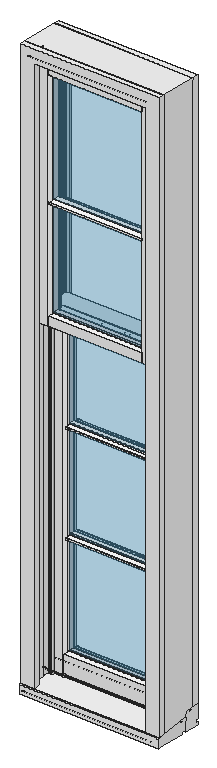
Revit family "S1-23H", category Generic Models, Revit 2012
Parameters (values of type "Window Sill drawing")
  Width = 511 mm
  Height = 2144 mm
  GlazingPanelMaterial = Glass
  Floor Material = White
Reference planes
  plane 1 "Center (Front/Back)": y = 0
  plane 2: z = 0
  plane 3 "Center (Left/Right)": x = 0
  plane 4: z = 33
  plane 5: x = -714
  plane 6: x = -750
  plane 7: x = -718
  plane 8: x = -239
  plane 9: y = 67
  plane 10: y = -67
  plane 11: x = -271
  plane 12: z = 2144
  plane 13: z = 2112
  plane 14: z = 578
  plane 15: y = -35.88
  plane 16: x = -705.5
  plane 17: x = -275
  plane 18: y = 35.12
  plane 19: x = -705.5
  plane 20: z = 622
  plane 21: z = 117
  plane 22: y = 72.25
  plane 23: x = -494.5
  plane 24: y = -35.88
  plane 25: x = -283.5
  plane 26: y = 35.12
  plane 27: x = -283.5
  plane 28: z = 1257.52
  plane 29: y = 46.992
  plane 30: y = 46.992
  plane 31: y = 46.992
  plane 32: z = 501.251
  plane 33: z = 2108
  plane 34: z = 1628
  plane 35: z = 1230.52
  plane 36: y = 46.992
  plane 37: y = 46.992
  plane 38: y = 46.992
  plane 39: z = 867
Forms (mm)
  Extrusion 1, solid, not visible
    sketch origin (0, 0, 9.375) x (0, 1, 0) y (0, 0, 1)
      loop
        line (94.662, 311.911) -> (94.314, 312.868) -> (95.314, 312.868) -> (93.454, 317.977) -> (86.115, 317.977) -> (85.011, 317.575) -> (64.143, 317.575) -> (64.143, 311.911) -> (94.662, 311.911)
    from 0 to 250
  Extrusion 2, solid, not visible
    sketch origin (0, 0, 9.375) x (0, 1, 0) y (0, 0, 1)
      loop
        line (93.688, 317.334) -> (85.92, 317.334) -> (87.101, 312.926) -> (95.293, 312.926) -> (93.688, 317.334)
      loop
        line (91.853, 322.376) -> (91.853, 328.194)
        arc (91.853, 328.194) -> (91.424, 329.231) -> (90.388, 329.66) r 1.465
        line (90.388, 329.66) -> (71.853, 329.66) -> (71.853, 322.376) -> (91.853, 322.376)
      loop
        line (73.373, 320.598) -> (64.143, 320.598) -> (64.143, 317.575) -> (73.373, 317.575) -> (73.373, 320.598)
      loop
        line (61.169, 311.884) -> (61.169, 316.884) -> (56.169, 316.884)
        arc (56.169, 316.884) -> (53.926, 317.813) -> (52.996, 320.057) r 3.173
        line (52.996, 320.057) -> (52.996, 327.594)
        arc (52.996, 327.594) -> (53.247, 329.284) -> (54.656, 330.25) r 2.138
        line (54.656, 330.25) -> (56.493, 330.25)
        arc (56.493, 330.25) -> (57.939, 329.727) -> (58.925, 328.548) r 2.95
        line (58.925, 328.548) -> (59.306, 324.922) -> (61.24, 324.922) -> (60.612, 330.901)
        arc (60.612, 330.901) -> (59.723, 332.646) -> (57.894, 333.348) r 2.733
        line (57.894, 333.348) -> (52.423, 333.348)
        arc (52.423, 333.348) -> (50.164, 330.795) -> (49.999, 327.391) r 5.139
        line (49.999, 327.391) -> (47.957, 316.884)
        arc (47.957, 316.884) -> (49.179, 314.507) -> (49.698, 311.884) r 9.583
        line (49.698, 311.884) -> (61.169, 311.884)
    from 0 to 250
  Extrusion 3, solid, not visible
    sketch origin (-848.022, -244.537, 0) x (1, 0, 0) y (0, 1, 0)
      loop
        line (-156.504, 643.402) -> (-146.504, 653.402) -> (-146.504, 655.402) -> (-162.504, 655.402) -> (-162.504, 703.402) -> (-199.504, 703.402)
        arc (-199.504, 703.402) -> (-201.625, 702.524) -> (-202.504, 700.402) r 3
        line (-202.504, 700.402) -> (-202.504, 695.402) -> (-196.504, 695.402) -> (-196.504, 692.402) -> (-202.504, 692.402) -> (-202.504, 679.402) -> (-196.504, 679.402) -> (-196.504, 667.402) -> (-202.504, 667.402) -> (-202.504, 646.402)
        arc (-202.504, 646.402) -> (-201.625, 644.281) -> (-199.504, 643.402) r 3
        line (-199.504, 643.402) -> (-156.504, 643.402)
    from 672 to 1294
  Extrusion 4, solid, not visible
    sketch origin (-848.022, -244.537, 0) x (1, 0, 0) y (0, 1, 0)
      loop
        line (-162.504, 700.402) -> (-162.504, 681.402) -> (-150.504, 681.402) -> (-150.504, 684.402) -> (-146.504, 685.402) -> (-146.504, 689.402) -> (-149.504, 689.402)
        arc (-149.504, 689.402) -> (-151.847, 695.059) -> (-157.504, 697.402) r 8
        line (-157.504, 697.402) -> (-157.504, 700.402) -> (-162.504, 700.402)
    from 672 to 1294
  Extrusion 5, solid, not visible
    sketch origin (-511.418, -643.152, -230) x (1, 0, 0) y (0, 1, 0)
      loop
        line (-200.504, 641.902) -> (-200.504, 638.902) -> (-198.254, 638.902) -> (-198.254, 634.902) -> (-195.818, 634.902) -> (-195.818, 638.902) -> (-193.504, 638.902) -> (-193.504, 641.902) -> (-195.282, 641.902) -> (-195.282, 641.116) -> (-194.482, 641.116) -> (-194.482, 639.814) -> (-199.81, 639.814) -> (-199.81, 641.116) -> (-199.01, 641.116) -> (-199.01, 641.902) -> (-200.504, 641.902)
    from 230 to 852
  Extrusion 6, solid, not visible
    sketch origin (-511.418, -643.152, -140) x (1, 0, 0) y (0, 1, 0)
      loop
        line (-194.482, 639.814) -> (-194.482, 641.116) -> (-199.81, 641.116) -> (-199.81, 639.814) -> (-194.482, 639.814)
    from 140 to 762
  Extrusion 7, solid, not visible
    sketch origin (-511.418, -643.152, 0) x (1, 0, 0) y (0, 1, 0)
      loop
        spline (-199.847, 645.779) -> (-199.478, 645.505) -> (-199.241, 645.183) -> (-199.108, 644.823) -> (-199.048, 644.431) -> (-199.033, 644.016) -> (-199.035, 643.585) -> (-199.023, 643.147) -> (-198.97, 642.709) -> (-198.847, 642.279) -> (-198.624, 641.865) -> (-198.272, 641.475) -> (-197.764, 641.116)
        line (-197.764, 641.116) -> (-196.529, 641.116)
        spline (-196.529, 641.116) -> (-195.991, 641.457) -> (-195.612, 641.839) -> (-195.363, 642.251) -> (-195.215, 642.684) -> (-195.139, 643.129) -> (-195.106, 643.577) -> (-195.086, 644.017) -> (-195.05, 644.441) -> (-194.969, 644.838) -> (-194.814, 645.2) -> (-194.556, 645.517) -> (-194.166, 645.779)
        line (-194.166, 645.779) -> (-199.847, 645.779)
    from 0 to 622
  Sweep 8, solid, material "White" <- "Floor Material"
    path origin (0, 0, 0) x (1, 0, 0) y (0, 0, 1)
      loop
        line (-725, 33) -> (-725, 2119) -> (-264, 2119) -> (-264, 33)
    profile origin (-494.5, 0, 2119) x (0, 0, 1) y (0, -1, 0)
      loop
        line (0, -4) -> (0, 4) -> (-17.634, 4) -> (-17.634, 2.635) -> (-15.193, 2.635) -> (-15.193, 1.135) -> (-22.193, 1.135) -> (-22.193, 2.635) -> (-19.789, 2.635) -> (-19.789, 4) -> (-21, 4)
        arc (-21, 4) -> (-25, 0) -> (-21, -4) r 4
        line (-21, -4) -> (0, -4)
  Sweep 9, solid, material "White" <- "Floor Material"
    path origin (0, 87, 0) x (1, 0, 0) y (0, 0, 1)
      loop
        line (-239, 68.003) -> (-239, 2144) -> (-750, 2144) -> (-750, 68.003)
    profile origin (-494.5, 87, 2144) x (0, 0, -1) y (0, -1, 0)
      loop
        line (0, 20) -> (0, 0) -> (32, 0) -> (32, 20) -> (23, 20) -> (23, 15) -> (15, 15) -> (15, 20) -> (0, 20)
  Sweep 10, solid, material "White" <- "Floor Material"
    path origin (0, -87, 0) x (1, 0, 0) y (0, 0, -1)
      loop
        line (-239, -33) -> (-239, -2144) -> (-750, -2144) -> (-750, -33)
    profile origin (-494.5, -87, 2144) x (0, 0, 1) y (0, 1, 0)
      loop
        line (0, 0) -> (0, 20) -> (-15, 20) -> (-15, 15) -> (-23, 15) -> (-23, 20) -> (-38, 20) -> (-38, 17) -> (-40.25, 17) -> (-40.25, 13) -> (-42.75, 13) -> (-42.75, 17) -> (-45, 17) -> (-45, 20) -> (-50, 20) -> (-50, 0) -> (0, 0)
  Sweep 11, solid, material "White" <- "Floor Material"
    path origin (0, 67, 0) x (-1, 0, 0) y (0, 0, -1)
      loop
        line (718, -2112) -> (718, -68) -> (271, -68) -> (271, -2112) -> (718, -2112)
    profile origin (-494.5, 67, 2112) x (0, 0, 1) y (0, -1, 0)
      loop
        line (0, -14) -> (0, 0) -> (-6.422, 0) -> (-6.422, -1.526) -> (-4.982, -1.526) -> (-4.982, -3.026) -> (-9.982, -3.026) -> (-9.982, -1.526) -> (-8.578, -1.526) -> (-8.578, 0) -> (-15, 0) -> (-15, -14)
        arc (-15, -14) -> (-9, -20) -> (-3, -14) r 6
        line (-3, -14) -> (0, -14)
  Extrusion 12, solid, material "White" <- "Floor Material"
    sketch origin (2366.619, -1603.085, 0) x (1, 0, 0) y (0, 1, 0)
      loop
        arc (-3077.619, 1597.085) -> (-3079.741, 1596.207) -> (-3080.619, 1594.085) r 3
        line (-3080.619, 1594.085) -> (-3080.619, 1589.085) -> (-3074.619, 1589.085) -> (-3074.619, 1586.085) -> (-3080.619, 1586.085) -> (-3080.619, 1577.085) -> (-3071.619, 1577.085)
        arc (-3071.619, 1577.085) -> (-3061.619, 1567.085) -> (-3071.619, 1557.085) r 10
        line (-3071.619, 1557.085) -> (-3080.619, 1557.085) -> (-3080.619, 1540.085)
        arc (-3080.619, 1540.085) -> (-3079.741, 1537.964) -> (-3077.619, 1537.085) r 3
        line (-3077.619, 1537.085) -> (-3034.619, 1537.085) -> (-3024.619, 1547.085) -> (-3024.619, 1549.085) -> (-3040.619, 1549.085) -> (-3040.619, 1597.085) -> (-3077.619, 1597.085)
    from 1230.52 to 2105.578
  Extrusion 13, solid
    sketch origin (2366.119, -1602.966, 347.02) x (1, 0, 0) y (0, 1, 0)
      loop
        circle (-3071.619, 1567.085) r 5
      loop
        circle (-3071.619, 1567.085) r 8.5
    from 932.713 to 1224
  Extrusion 14, solid, material "White" <- "Floor Material"
    sketch origin (0, -3460.083, 649.392) x (0, 1, 0) y (0, 0, 1)
      loop
        line (3432.083, 609.128) -> (3406.083, 609.128) -> (3406.083, 625.128) -> (3404.083, 625.128) -> (3394.083, 615.128) -> (3394.083, 581.128) -> (3418.083, 581.128) -> (3418.083, 586.128) -> (3430.083, 586.128) -> (3430.083, 581.128) -> (3461.083, 581.128) -> (3461.083, 586.128) -> (3459.083, 596.128) -> (3454.083, 596.128) -> (3454.083, 606.128) -> (3448.083, 606.128) -> (3448.083, 609.128) -> (3454.083, 609.128) -> (3454.083, 625.128) -> (3436.083, 625.128) -> (3435.083, 621.128) -> (3432.083, 621.128) -> (3432.083, 609.128)
    from -668 to -321
  Sweep 15, solid, material "White" <- "Floor Material"
    path origin (0.117, -27.5, -0.107) x (1, 0, 0) y (0, 0, 1)
      loop
        line (-674, 1257.627) -> (-674, 2094.107) -> (-315.217, 2094.107) -> (-315.217, 1257.627)
    profile origin (-494.491, -27.5, 2094) x (0, 0, 1) y (0, -1, 0)
      loop
        line (-4.893, -19) -> (0.107, -19) -> (0.107, 0) -> (-11.893, 0) -> (-11.893, -3) -> (-15.893, -4) -> (-15.893, -8) -> (-12.893, -8)
        arc (-12.893, -8) -> (-10.55, -13.657) -> (-4.893, -16) r 8
        line (-4.893, -16) -> (-4.893, -19)
  Extrusion 16, solid, material "White" <- "Floor Material"
    sketch origin (0, -3459.584, -3.128) x (0, 1, 0) y (0, 0, 1)
      loop
        line (3466.249, 47.894) -> (3371.218, 36.226)
        arc (3371.218, 36.226) -> (3369.337, 35.236) -> (3368.583, 33.248) r 3
        line (3368.583, 33.248) -> (3368.583, 3.128) -> (3373.583, 3.128) -> (3373.583, 5.128)
        arc (3373.583, 5.128) -> (3376.583, 8.128) -> (3379.583, 5.128) r 3
        line (3379.583, 5.128) -> (3379.583, 3.128) -> (3472.583, 3.128) -> (3472.583, 8.128) -> (3492.583, 8.128) -> (3492.583, 36.128) -> (3497.583, 36.128) -> (3497.583, 51.128) -> (3492.583, 51.128) -> (3469.505, 48.362) -> (3472.546, 46.028)
        arc (3472.546, 46.028) -> (3472.919, 44.415) -> (3471.294, 44.101) r 1.15
        line (3471.294, 44.101) -> (3466.249, 47.894)
    from -750 to -239
  Extrusion 17, solid, material "White" <- "Floor Material"
    sketch origin (0, -3459.584, -3.128) x (0, 1, 0) y (0, 0, 1)
      loop
        line (3526.583, 71.128) -> (3509.696, 69.054)
        arc (3509.696, 69.054) -> (3509.999, 68.671) -> (3510.398, 68.387) r 1.737
        line (3510.398, 68.387) -> (3513.646, 65.849)
        arc (3513.646, 65.849) -> (3513.653, 64.316) -> (3512.131, 64.138) r 1.15
        line (3512.131, 64.138) -> (3506.202, 68.606) -> (3492.583, 66.933) -> (3492.583, 62.041)
        arc (3492.583, 62.041) -> (3495.583, 59.041) -> (3492.583, 56.041) r 3
        line (3492.583, 56.041) -> (3492.583, 51.128) -> (3497.583, 51.128) -> (3497.583, 36.128) -> (3492.583, 36.128) -> (3492.583, 3.128) -> (3546.583, 3.128) -> (3546.583, 13.128) -> (3536.583, 13.128) -> (3536.583, 23.128) -> (3546.583, 23.128) -> (3546.583, 71.128) -> (3526.583, 71.128)
    from -750 to -239
  Extrusion 18, solid, material "White" <- "Floor Material"
    sketch origin (0, -3460.084, -3.125) x (0, 1, 0) y (0, 0, 1)
      loop
        line (3525.083, 116.128) -> (3477.083, 116.128) -> (3477.083, 132.128) -> (3475.083, 132.128) -> (3465.083, 122.128) -> (3465.083, 55.519)
        arc (3465.083, 55.519) -> (3466.096, 53.272) -> (3468.449, 52.541) r 3
        line (3468.449, 52.541) -> (3473.083, 53.11) -> (3473.083, 59.11) -> (3476.083, 59.11) -> (3476.083, 53.478) -> (3487.083, 54.829) -> (3487.083, 76.794) -> (3503.083, 76.794) -> (3503.083, 71.794) -> (3514.083, 73.144) -> (3514.083, 79.144) -> (3517.083, 79.144) -> (3517.083, 73.513) -> (3522.449, 74.171)
        arc (3522.449, 74.171) -> (3524.33, 75.161) -> (3525.083, 77.149) r 3
        line (3525.083, 77.149) -> (3525.083, 116.128)
    from -668 to -321
  Extrusion 19, solid, material "Glass"
    sketch origin (2366.619, -1602.584, 0) x (1, 0, 0) y (0, 1, 0)
      loop
        line (-3036.619, 1575.085) -> (-3036.619, 1571.085) -> (-2685.619, 1571.085) -> (-2685.619, 1575.085) -> (-3036.619, 1575.085)
      loop
        line (-3036.619, 1555.085) -> (-3036.619, 1551.085) -> (-2685.619, 1551.085) -> (-2685.619, 1555.085) -> (-3036.619, 1555.085)
    from 1255.52 to 2097
  Sweep 20, solid
    path origin (0, -39.498, 0) x (1, 0, 0) y (0, 0, 1)
      loop
        line (-670, 2098.433) -> (-670, 1264.52) -> (-319, 1264.52) -> (-319, 2098.433) -> (-670, 2098.433)
    profile origin (-494.5, -39.498, 2098.433) x (0, 0, 1) y (0, -1, 0)
      loop
        line (0, -8) -> (0, 8) -> (-10, 8) -> (-10, -8) -> (0, -8)
  Extrusion 21, solid, material "White" <- "Floor Material"
    sketch origin (2366.619, -1532.085, -542) x (1, 0, 0) y (0, 1, 0)
      loop
        arc (-3077.619, 1597.085) -> (-3079.741, 1596.207) -> (-3080.619, 1594.085) r 3
        line (-3080.619, 1594.085) -> (-3080.619, 1577.085) -> (-3071.619, 1577.085)
        arc (-3071.619, 1577.085) -> (-3061.619, 1567.085) -> (-3071.619, 1557.085) r 10
        line (-3071.619, 1557.085) -> (-3080.619, 1557.085) -> (-3080.619, 1548.085) -> (-3074.619, 1548.085) -> (-3074.619, 1545.085) -> (-3080.619, 1545.085) -> (-3080.619, 1540.085)
        arc (-3080.619, 1540.085) -> (-3079.741, 1537.964) -> (-3077.619, 1537.085) r 3
        line (-3077.619, 1537.085) -> (-3034.619, 1537.085) -> (-3024.619, 1547.085) -> (-3024.619, 1549.085) -> (-3040.619, 1549.085) -> (-3040.619, 1597.085) -> (-3077.619, 1597.085)
    from 585.128 to 1787.52
  Extrusion 22, solid
    sketch origin (2366.119, -1531.966, -542) x (1, 0, 0) y (0, 1, 0)
      loop
        circle (-3071.619, 1567.085) r 5
      loop
        circle (-3071.619, 1567.085) r 8.5
    from 655 to 1787.52
  Extrusion 23, solid, material "White" <- "Floor Material"
    sketch origin (0, -3389.081, 107.392) x (0, 1, 0) y (0, 0, 1)
      loop
        line (3454.081, 1139.128) -> (3454.081, 1167.128) -> (3387.081, 1167.128) -> (3387.081, 1162.128) -> (3389.081, 1152.128) -> (3394.081, 1152.128) -> (3394.081, 1142.585) -> (3400.302, 1142.585) -> (3400.302, 1139.128) -> (3394.081, 1139.128) -> (3394.081, 1123.128) -> (3406.081, 1123.128) -> (3406.081, 1139.128) -> (3454.081, 1139.128)
    from -703 to -286.193
  Sweep 24, solid, material "White" <- "Floor Material"
    path origin (0.117, 43.5, -542.107) x (1, 0, 0) y (0, 0, 1)
      loop
        line (-674, 1789.627) -> (-674, 655.107) -> (-315.217, 655.107) -> (-315.217, 1789.627) -> (-674, 1789.627)
    profile origin (-494.491, 43.5, 1247.52) x (0, 0, 1) y (0, -1, 0)
      loop
        line (-4.893, -19) -> (0.107, -19) -> (0.107, 0) -> (-11.893, 0) -> (-11.893, -3) -> (-15.893, -4) -> (-15.893, -8) -> (-12.893, -8)
        arc (-12.893, -8) -> (-10.55, -13.657) -> (-4.893, -16) r 8
        line (-4.893, -16) -> (-4.893, -19)
  Extrusion 25, solid, material "Glass"
    sketch origin (2366.619, -1531.584, -541.101) x (1, 0, 0) y (0, 1, 0)
      loop
        line (-3036.619, 1575.085) -> (-3036.619, 1571.085) -> (-2685.619, 1571.085) -> (-2685.619, 1575.085) -> (-3036.619, 1575.085)
      loop
        line (-3036.619, 1555.085) -> (-3036.619, 1551.085) -> (-2685.619, 1551.085) -> (-2685.619, 1555.085) -> (-3036.619, 1555.085)
    from 658.101 to 1771.621
  Sweep 26, solid
    path origin (0, 31.502, -542) x (1, 0, 0) y (0, 0, 1)
      loop
        line (-670, 1785.558) -> (-670, 659.003) -> (-319, 659.003) -> (-319, 1785.558) -> (-670, 1785.558)
    profile origin (-494.5, 31.502, 1243.558) x (0, 0, 1) y (0, -1, 0)
      loop
        line (0, -8) -> (0, 8) -> (-10, 8) -> (-10, -8) -> (0, -8)
  Extrusion 27, solid, material "White" <- "Floor Material"
    sketch origin (0, -3459.584, -3.128) x (0, 1, 0) y (0, 0, 1)
      loop
        line (3466.249, 47.894) -> (3371.218, 36.226)
        arc (3371.218, 36.226) -> (3369.337, 35.236) -> (3368.583, 33.248) r 3
        line (3368.583, 33.248) -> (3368.583, 3.128) -> (3373.583, 3.128) -> (3373.583, 5.128)
        arc (3373.583, 5.128) -> (3376.583, 8.128) -> (3379.583, 5.128) r 3
        line (3379.583, 5.128) -> (3379.583, 3.128) -> (3472.583, 3.128) -> (3472.583, 8.128) -> (3492.583, 8.128) -> (3492.583, 36.128) -> (3497.583, 36.128) -> (3497.583, 51.128) -> (3492.583, 51.128) -> (3469.505, 48.362) -> (3472.546, 46.028)
        arc (3472.546, 46.028) -> (3472.919, 44.415) -> (3471.294, 44.101) r 1.15
        line (3471.294, 44.101) -> (3466.249, 47.894)
    from -750 to -239
  Extrusion 28, solid, material "White" <- "Floor Material"
    sketch origin (0, -3459.584, -3.128) x (0, 1, 0) y (0, 0, 1)
      loop
        line (3526.583, 71.128) -> (3509.696, 69.054)
        arc (3509.696, 69.054) -> (3509.999, 68.671) -> (3510.398, 68.387) r 1.737
        line (3510.398, 68.387) -> (3513.646, 65.849)
        arc (3513.646, 65.849) -> (3513.653, 64.316) -> (3512.131, 64.138) r 1.15
        line (3512.131, 64.138) -> (3506.202, 68.606) -> (3492.583, 66.933) -> (3492.583, 62.041)
        arc (3492.583, 62.041) -> (3495.583, 59.041) -> (3492.583, 56.041) r 3
        line (3492.583, 56.041) -> (3492.583, 51.128) -> (3497.583, 51.128) -> (3497.583, 36.128) -> (3492.583, 36.128) -> (3492.583, 3.128) -> (3546.583, 3.128) -> (3546.583, 13.128) -> (3536.583, 13.128) -> (3536.583, 23.128) -> (3546.583, 23.128) -> (3546.583, 71.128) -> (3526.583, 71.128)
    from -750 to -239
  Extrusion 29, solid, material "White" <- "Floor Material"
    sketch origin (-3355.619, -1603.085, 0) x (-1, 0, 0) y (0, -1, 0)
      loop
        line (-3077.619, -1597.085) -> (-3040.619, -1597.085) -> (-3040.619, -1549.085) -> (-3024.619, -1549.085) -> (-3024.619, -1547.085) -> (-3034.619, -1537.085) -> (-3077.619, -1537.085)
        arc (-3077.619, -1537.085) -> (-3079.741, -1537.964) -> (-3080.619, -1540.085) r 3
        line (-3080.619, -1540.085) -> (-3080.619, -1557.085) -> (-3071.619, -1557.085)
        arc (-3071.619, -1557.085) -> (-3061.619, -1567.085) -> (-3071.619, -1577.085) r 10
        line (-3071.619, -1577.085) -> (-3080.619, -1577.085) -> (-3080.619, -1586.085) -> (-3074.619, -1586.085) -> (-3074.619, -1589.085) -> (-3080.619, -1589.085) -> (-3080.619, -1594.085)
        arc (-3080.619, -1594.085) -> (-3079.741, -1596.207) -> (-3077.619, -1597.085) r 3
    from 1230.52 to 2105.578
  Extrusion 30, solid
    sketch origin (-3355.119, -1602.966, 347.02) x (-1, 0, 0) y (0, -1, 0)
      loop
        circle (-3071.619, -1567.085) r 5
      loop
        circle (-3071.619, -1567.085) r 8.5
    from 932.713 to 898.5
  Extrusion 31, solid, material "White" <- "Floor Material"
    sketch origin (-3355.619, -1532.085, -542) x (-1, 0, 0) y (0, -1, 0)
      loop
        line (-3077.619, -1597.085) -> (-3040.619, -1597.085) -> (-3040.619, -1549.085) -> (-3024.619, -1549.085) -> (-3024.619, -1547.085) -> (-3034.619, -1537.085) -> (-3077.619, -1537.085)
        arc (-3077.619, -1537.085) -> (-3079.741, -1537.964) -> (-3080.619, -1540.085) r 3
        line (-3080.619, -1540.085) -> (-3080.619, -1545.085) -> (-3074.619, -1545.085) -> (-3074.619, -1548.085) -> (-3080.619, -1548.085) -> (-3080.619, -1557.085) -> (-3071.619, -1557.085)
        arc (-3071.619, -1557.085) -> (-3061.619, -1567.085) -> (-3071.619, -1577.085) r 10
        line (-3071.619, -1577.085) -> (-3080.619, -1577.085) -> (-3080.619, -1594.085)
        arc (-3080.619, -1594.085) -> (-3079.741, -1596.207) -> (-3077.619, -1597.085) r 3
    from 585.128 to 1787.52
  Extrusion 32, solid
    sketch origin (-3355.119, -1531.966, -542) x (-1, 0, 0) y (0, -1, 0)
      loop
        circle (-3071.619, -1567.085) r 5
      loop
        circle (-3071.619, -1567.085) r 8.5
    from 655 to 1442.607
  Sweep 33, solid, material "White" <- "Floor Material"
    path origin (0, 0, 0) x (1, 0, 0) y (0, 0, 1)
      loop
        line (-750, 33.101) -> (-750, 2144) -> (-239, 2144) -> (-239, 33.101)
    profile origin (-494.5, 0, 2144) x (0, 0, 1) y (0, -1, 0)
      loop
        line (0, -67) -> (0, 67) -> (-15, 67) -> (-15, 72) -> (-23, 72) -> (-23, 67) -> (-32, 67) -> (-32, 22.511) -> (-29.264, 19.775)
        arc (-29.264, 19.775) -> (-29.264, 18.438) -> (-30.601, 18.438) r 0.945
        line (-30.601, 18.438) -> (-32, 19.837) -> (-32, 4) -> (-25, 4) -> (-25, -4) -> (-32, -4) -> (-32, -67) -> (-23, -67) -> (-23, -72) -> (-15, -72) -> (-15, -67) -> (0, -67)
  Sweep 34, void
    path origin (0, 0, 0) x (1, 0, 0) y (0, 1, 0)
      loop
        line (-780, 0) -> (-150, 0)
    profile origin (-465, 0, 0) x (0, 1, 0) y (0, 0, 1)
      loop
        line (6.58, 44.859) -> (-88.453, 33.191)
        arc (-88.453, 33.191) -> (-90.334, 32.201) -> (-91.087, 30.213) r 3
        line (-91.087, 30.213) -> (-103.128, 30.213) -> (-103.128, -6.095) -> (101.872, -6.095) -> (101.872, 68.092) -> (66.913, 68.092) -> (50.026, 66.019)
        arc (50.026, 66.019) -> (50.329, 65.635) -> (50.727, 65.352) r 1.737
        line (50.727, 65.352) -> (54.063, 62.721)
        arc (54.063, 62.721) -> (54.129, 61.261) -> (52.709, 60.915) r 1.15
        line (52.709, 60.915) -> (46.532, 65.57) -> (32.913, 63.898) -> (32.913, 59.005)
        arc (32.913, 59.005) -> (35.913, 56.005) -> (32.913, 53.005) r 3
        line (32.913, 53.005) -> (32.913, 48.092) -> (9.835, 45.327) -> (13.032, 42.855)
        arc (13.032, 42.855) -> (13.356, 41.319) -> (11.846, 40.891) r 1.15
        line (11.846, 40.891) -> (6.58, 44.859)
  Extrusion 35, solid, material "White" <- "Floor Material"
    sketch origin (-152.084, -46.104, 500.077) x (0, 0, 1) y (0, 1, 0)
      loop
        line (-8.825, 91.096) -> (11.175, 91.096) -> (11.175, 99.096) -> (9.175, 99.096) -> (9.175, 101.596) -> (3.675, 109.096) -> (3.675, 111.096) -> (-1.325, 111.096) -> (-1.325, 109.096) -> (-6.825, 101.596) -> (-6.825, 99.096) -> (-8.825, 99.096) -> (-8.825, 91.096)
      loop
        line (11.175, 62.296) -> (11.175, 65.096) -> (-8.825, 65.096) -> (-8.825, 62.296) -> (-1.325, 54.142) -> (-1.325, 52.142) -> (3.675, 52.142) -> (3.675, 54.142) -> (11.175, 62.296)
    from 178.909 to 505.916
  Extrusion 36, solid, material "White" <- "Floor Material"
    sketch origin (-152.084, 7.992, 899.345) x (0, 0, 1) y (0, 1, 0)
      loop
        line (-408.094, 34) -> (-408.094, 18) -> (-388.094, 18) -> (-388.094, 34) -> (-408.094, 34)
    from 136.916 to 589.023
  Extrusion 37, solid, material "White" <- "Floor Material"
    sketch origin (-2614.526, -119.588, 1636.825) x (0, 0, 1) y (0, -1, 0)
      loop
        line (-8.825, -93.096) -> (-8.825, -99.096) -> (-6.825, -99.096) -> (-6.825, -101.596) -> (-1.325, -109.096) -> (-1.325, -111.096) -> (3.675, -111.096) -> (3.675, -109.096) -> (9.175, -101.596) -> (9.175, -99.096) -> (11.175, -99.096) -> (11.175, -93.096) -> (-8.825, -93.096)
      loop
        line (-8.825, -61.911) -> (-8.825, -64.711) -> (11.175, -64.711) -> (3.624, -53.757) -> (3.624, -51.757) -> (-1.376, -51.757) -> (-1.376, -53.757) -> (-8.825, -61.911)
    from 1946.526 to 2293.526
  Extrusion 38, solid, material "White" <- "Floor Material"
    sketch origin (-2614.526, -65.742, 2036.094) x (0, 0, 1) y (0, -1, 0)
      loop
        line (-408.094, -34) -> (-388.094, -34) -> (-388.094, -18) -> (-408.094, -18) -> (-408.094, -34)
    from 1946.526 to 2293.526
  Extrusion 39, solid, material "White" <- "Floor Material"
    sketch origin (-152.084, -46.104, 840.077) x (0, 0, 1) y (0, 1, 0)
      loop
        line (16.923, 91.096) -> (36.923, 91.096) -> (36.923, 99.096) -> (34.923, 99.096) -> (34.923, 101.596) -> (29.423, 109.096) -> (29.423, 111.096) -> (24.423, 111.096) -> (24.423, 109.096) -> (18.923, 101.596) -> (18.923, 99.096) -> (16.923, 99.096) -> (16.923, 91.096)
      loop
        line (36.923, 62.296) -> (36.923, 65.096) -> (16.923, 65.096) -> (16.923, 62.296) -> (24.423, 54.142) -> (24.423, 52.142) -> (29.423, 52.142) -> (29.423, 54.142) -> (36.923, 62.296)
    from 178.909 to 505.916
  Extrusion 40, solid, material "White" <- "Floor Material"
    sketch origin (-152.084, 7.992, 1239.345) x (0, 0, 1) y (0, 1, 0)
      loop
        line (-382.345, 34) -> (-382.345, 18) -> (-362.345, 18) -> (-362.345, 34) -> (-382.345, 34)
    from 136.916 to 589.023
  Extrusion 41, solid, material "White" <- "Floor Material"
    sketch origin (-1944.52, -1603.085, -973.119) x (0, 0, -1) y (0, 1, 0)
      loop
        arc (-3077.619, 1597.085) -> (-3079.741, 1596.207) -> (-3080.619, 1594.085) r 3
        line (-3080.619, 1594.085) -> (-3080.619, 1589.085) -> (-3074.619, 1589.085) -> (-3074.619, 1586.085) -> (-3080.619, 1586.085) -> (-3080.619, 1577.085) -> (-3071.619, 1577.085)
        arc (-3071.619, 1577.085) -> (-3061.619, 1567.085) -> (-3071.619, 1557.085) r 10
        line (-3071.619, 1557.085) -> (-3080.619, 1557.085) -> (-3080.619, 1540.085)
        arc (-3080.619, 1540.085) -> (-3079.741, 1537.964) -> (-3077.619, 1537.085) r 3
        line (-3077.619, 1537.085) -> (-3034.619, 1537.085) -> (-3024.619, 1547.085) -> (-3024.619, 1549.085) -> (-3040.619, 1549.085) -> (-3040.619, 1597.085) -> (-3077.619, 1597.085)
    from 1276.52 to 1623.52
  Extrusion 42, solid
    sketch origin (0, 0, 1120) x (0, 1, 0) y (0, 0, 1)
      loop
        line (-74, 982.5) -> (-72.319, 981.278) -> (-72.319, 982.145) -> (-71.424, 981.25) -> (-71.424, 982.145) -> (-70.574, 981.25) -> (-70.813, 982.145) -> (-70, 982.145) -> (-70, 979) -> (-67, 979) -> (-67, 981.25) -> (-67.972, 981.25) -> (-67.972, 980) -> (-69.5, 980) -> (-69.5, 985) -> (-67.972, 985) -> (-67.972, 983.75) -> (-67, 983.75) -> (-67, 986) -> (-70, 986) -> (-70, 982.855) -> (-70.813, 982.855) -> (-70.574, 983.75) -> (-71.424, 982.855) -> (-71.424, 983.75) -> (-72.319, 982.855) -> (-72.319, 983.722) -> (-74, 982.5)
    from -254 to -735
  Extrusion 43, solid
    sketch origin (0, 0, 1120) x (0, 1, 0) y (0, 0, 1)
      loop
        line (-67.972, 980) -> (-67.972, 981.974) -> (-66.727, 981.255) -> (-61.956, 980.921) -> (-61.034, 980) -> (-61.034, 985) -> (-61.956, 984.079) -> (-66.727, 983.745) -> (-67.972, 983.026) -> (-67.972, 985) -> (-69.5, 985) -> (-69.5, 980) -> (-67.972, 980)
    from -254 to -735
  Extrusion 44, solid
    sketch origin (0, 131.288, 1121.832) x (0, 1, 0) y (0, 0, 1)
      loop
        line (-62.762, 980.186) -> (-61.262, 980.186) -> (-61.262, 985.186) -> (-62.762, 985.186) -> (-62.762, 983.041) -> (-63.913, 983.706) -> (-68.685, 984.04) -> (-69.606, 984.961) -> (-69.606, 980.41) -> (-68.685, 981.332) -> (-63.913, 981.665) -> (-62.762, 982.33) -> (-62.762, 980.186)
    from -254 to -735
  Extrusion 45, solid
    sketch origin (0, 60.127, 1118.621) x (0, 1, 0) y (0, 0, 1)
      loop
        line (-62.762, 978.186) -> (-61.262, 978.186) -> (-61.262, 985.186) -> (-62.762, 985.186) -> (-62.762, 982.045) -> (-63.913, 982.71) -> (-68.685, 983.043) -> (-69.606, 983.965) -> (-69.606, 979.406) -> (-68.685, 980.328) -> (-63.913, 980.661) -> (-62.762, 981.326) -> (-62.762, 978.186)
    from -254 to -735
  Extrusion 46, solid
    sketch origin (0, 131.288, -907.581) x (0, 1, 0) y (0, 0, 1)
      loop
        line (-62.762, 980.563) -> (-61.262, 980.563) -> (-61.262, 985.563) -> (-62.762, 985.563) -> (-62.762, 983.419) -> (-63.913, 984.083) -> (-68.685, 984.417) -> (-69.606, 985.338) -> (-69.606, 980.788) -> (-68.685, 981.709) -> (-63.913, 982.043) -> (-62.762, 982.707) -> (-62.762, 980.563)
    from -254 to -735
  Extrusion 47, solid, material "Sill"
    sketch origin (0, -414.386, -130.202) x (0, 1, 0) y (0, 0, 1)
      loop
        line (399.221, 2233.777) -> (400.073, 2233.777) -> (401.113, 2234.377) -> (401.113, 2235.331) -> (400.073, 2234.731) -> (400.073, 2238.748) -> (394.12, 2238.748) -> (393.337, 2238.494) -> (394.134, 2238.204) -> (399.221, 2238.204) -> (399.221, 2233.777)
    from -735 to -254
  Extrusion 48, solid
    sketch origin (0, -4.951, 1121.52) x (0, 1, 0) y (0, 0, 1)
      loop
        arc (-19.175, 986.98) -> (-18.882, 986.273) -> (-18.175, 985.98) r 1
        line (-18.175, 985.98) -> (-11.098, 985.98)
        arc (-11.098, 985.98) -> (-10.406, 985.393) -> (-9.92, 984.627) r 3.012
        line (-9.92, 984.627) -> (-9.92, 983.485) -> (-12.998, 983.485) -> (-12.998, 982.53) -> (-9.42, 982.28) -> (-9.42, 984.649) -> (-9.063, 985.499) -> (-9.063, 986.715)
        arc (-9.063, 986.715) -> (-9.356, 987.422) -> (-10.063, 987.715) r 1
        line (-10.063, 987.715) -> (-15.237, 987.715)
        arc (-15.237, 987.715) -> (-16.161, 988.332) -> (-15.944, 989.422) r 1
        line (-15.944, 989.422) -> (-13.487, 991.879)
        arc (-13.487, 991.879) -> (-13.487, 993.216) -> (-14.824, 993.216) r 0.945
        line (-14.824, 993.216) -> (-19.175, 988.865) -> (-19.175, 986.98)
      loop
        arc (-13.841, 992.232) -> (-13.841, 992.862) -> (-14.471, 992.862) r 0.445
        line (-14.471, 992.862) -> (-18.675, 988.658) -> (-18.675, 986.98)
        arc (-18.675, 986.98) -> (-18.529, 986.627) -> (-18.175, 986.48) r 0.5
        line (-18.175, 986.48) -> (-10.962, 986.48)
        arc (-10.962, 986.48) -> (-10.157, 985.861) -> (-9.563, 985.037) r 3.512
        line (-9.563, 985.037) -> (-9.563, 986.715)
        arc (-9.563, 986.715) -> (-9.709, 987.068) -> (-10.063, 987.215) r 0.5
        line (-10.063, 987.215) -> (-15.237, 987.215)
        arc (-15.237, 987.215) -> (-16.623, 988.141) -> (-16.298, 989.775) r 1.5
        line (-16.298, 989.775) -> (-13.841, 992.232)
    from -735 to -254
  Extrusion 49, solid, material "Sill"
    sketch origin (0, -343.744, 2308.742) x (0, 1, 0) y (0, 0, 1)
      loop
        line (398.83, -2233.777) -> (398.83, -2239.91) -> (394.818, -2240.411) -> (393.98, -2241.004) -> (394.938, -2241.371) -> (399.682, -2240.778) -> (399.682, -2234.506) -> (401.113, -2235.331) -> (401.113, -2234.377) -> (400.073, -2233.777) -> (398.83, -2233.777)
    from -735 to -254
  Extrusion 50, solid
    sketch origin (0, -0.006, 3.144) x (0, 1, 0) y (0, 0, 1)
      loop
        line (46.879, 64.971) -> (46.879, 62.157) -> (52.486, 57.931)
        arc (52.486, 57.931) -> (54.044, 58.035) -> (54.063, 59.596) r 1.15
        line (54.063, 59.596) -> (50.406, 62.453)
        arc (50.406, 62.453) -> (50.168, 63.172) -> (50.741, 63.666) r 0.681
        line (50.741, 63.666) -> (54.979, 64.196)
        arc (54.979, 64.196) -> (55.906, 64.686) -> (56.276, 65.666) r 1.481
        line (56.276, 65.666) -> (56.276, 71.596) -> (52.699, 71.346) -> (52.699, 70.391) -> (55.776, 70.391) -> (55.776, 67.112) -> (48.075, 66.167)
        arc (48.075, 66.167) -> (47.229, 65.817) -> (46.879, 64.971) r 1.196
      loop
        arc (48.084, 65.67) -> (47.588, 65.465) -> (47.383, 64.969) r 0.701
        line (47.383, 64.969) -> (47.383, 62.403) -> (52.795, 58.325)
        arc (52.795, 58.325) -> (53.665, 58.363) -> (53.716, 59.233) r 0.65
        line (53.716, 59.233) -> (50.098, 62.059)
        arc (50.098, 62.059) -> (49.686, 63.305) -> (50.679, 64.162) r 1.181
        line (50.679, 64.162) -> (54.917, 64.692)
        arc (54.917, 64.692) -> (55.531, 65.017) -> (55.776, 65.666) r 0.981
        line (55.776, 65.666) -> (55.776, 66.682) -> (48.084, 65.67)
    from -735 to -254
  Extrusion 51, solid, material "Sill"
    sketch origin (0, -384.576, 2288.687) x (0, 1, 0) y (0, 0, 1)
      loop
        line (398.83, -2233.777) -> (398.83, -2239.91) -> (394.818, -2240.411) -> (393.98, -2241.004) -> (394.938, -2241.371) -> (399.682, -2240.778) -> (399.682, -2234.506) -> (401.113, -2235.331) -> (401.113, -2234.377) -> (400.073, -2233.777) -> (398.83, -2233.777)
    from -735 to -254
  Extrusion 52, solid
    sketch origin (0, -40.837, -16.912) x (0, 1, 0) y (0, 0, 1)
      loop
        line (46.879, 64.971) -> (46.879, 62.157) -> (52.486, 57.931)
        arc (52.486, 57.931) -> (54.044, 58.035) -> (54.063, 59.596) r 1.15
        line (54.063, 59.596) -> (50.406, 62.453)
        arc (50.406, 62.453) -> (50.168, 63.172) -> (50.741, 63.666) r 0.681
        line (50.741, 63.666) -> (54.979, 64.196)
        arc (54.979, 64.196) -> (55.906, 64.686) -> (56.276, 65.666) r 1.481
        line (56.276, 65.666) -> (56.276, 71.596) -> (52.699, 71.346) -> (52.699, 70.391) -> (55.776, 70.391) -> (55.776, 67.112) -> (48.075, 66.167)
        arc (48.075, 66.167) -> (47.229, 65.817) -> (46.879, 64.971) r 1.196
      loop
        arc (48.084, 65.67) -> (47.588, 65.465) -> (47.383, 64.969) r 0.701
        line (47.383, 64.969) -> (47.383, 62.403) -> (52.795, 58.325)
        arc (52.795, 58.325) -> (53.665, 58.363) -> (53.716, 59.233) r 0.65
        line (53.716, 59.233) -> (50.098, 62.059)
        arc (50.098, 62.059) -> (49.686, 63.305) -> (50.679, 64.162) r 1.181
        line (50.679, 64.162) -> (54.917, 64.692)
        arc (54.917, 64.692) -> (55.531, 65.017) -> (55.776, 65.666) r 0.981
        line (55.776, 65.666) -> (55.776, 66.682) -> (48.084, 65.67)
    from -735 to -254
  Extrusion 53, solid, material "Sill"
    sketch origin (0, 2244.893, 1647.689) x (0, 0, -1) y (0, 1, 0)
      loop
        line (398.83, -2233.777) -> (398.83, -2239.91) -> (394.818, -2240.411) -> (393.98, -2241.004) -> (394.938, -2241.371) -> (399.682, -2240.778) -> (399.682, -2234.506) -> (401.113, -2235.331) -> (401.113, -2234.377) -> (400.073, -2233.777) -> (398.83, -2233.777)
    from -735 to -254
  Extrusion 54, solid
    sketch origin (0, -60.706, 1303.951) x (0, 0, -1) y (0, 1, 0)
      loop
        line (46.879, 64.971) -> (46.879, 62.157) -> (52.486, 57.931)
        arc (52.486, 57.931) -> (54.044, 58.035) -> (54.063, 59.596) r 1.15
        line (54.063, 59.596) -> (50.406, 62.453)
        arc (50.406, 62.453) -> (50.168, 63.172) -> (50.741, 63.666) r 0.681
        line (50.741, 63.666) -> (54.979, 64.196)
        arc (54.979, 64.196) -> (55.906, 64.686) -> (56.276, 65.666) r 1.481
        line (56.276, 65.666) -> (56.276, 71.596) -> (52.699, 71.346) -> (52.699, 70.391) -> (55.776, 70.391) -> (55.776, 67.112) -> (48.075, 66.167)
        arc (48.075, 66.167) -> (47.229, 65.817) -> (46.879, 64.971) r 1.196
      loop
        arc (48.084, 65.67) -> (47.588, 65.465) -> (47.383, 64.969) r 0.701
        line (47.383, 64.969) -> (47.383, 62.403) -> (52.795, 58.325)
        arc (52.795, 58.325) -> (53.665, 58.363) -> (53.716, 59.233) r 0.65
        line (53.716, 59.233) -> (50.098, 62.059)
        arc (50.098, 62.059) -> (49.686, 63.305) -> (50.679, 64.162) r 1.181
        line (50.679, 64.162) -> (54.917, 64.692)
        arc (54.917, 64.692) -> (55.531, 65.017) -> (55.776, 65.666) r 0.981
        line (55.776, 65.666) -> (55.776, 66.682) -> (48.084, 65.67)
    from -735 to -254
  Extrusion 55, solid, material "Sill"
    sketch origin (0, -2244.582, 857.429) x (0, 0, 1) y (0, -1, 0)
      loop
        line (398.83, -2233.777) -> (398.83, -2239.771) -> (393.875, -2240.39) -> (393.172, -2240.784) -> (393.95, -2240.992) -> (399.436, -2240.306) -> (399.436, -2234.364) -> (401.113, -2235.331) -> (401.113, -2234.377) -> (400.073, -2233.777) -> (398.83, -2233.777)
    from -735 to -254
  Extrusion 56, solid
    sketch origin (0, 61.017, 1201.167) x (0, 0, 1) y (0, -1, 0)
      loop
        line (45.751, 66.361) -> (45.751, 61.738) -> (50.715, 58.245)
        arc (50.715, 58.245) -> (51.921, 58.359) -> (51.995, 59.568) r 0.932
        line (51.995, 59.568) -> (48.721, 62.126)
        arc (48.721, 62.126) -> (48.463, 63.19) -> (49.212, 63.988) r 1.15
        line (49.212, 63.988) -> (55.448, 64.767)
        arc (55.448, 64.767) -> (56.374, 65.257) -> (56.745, 66.237) r 1.481
        line (56.745, 66.237) -> (56.745, 71.629) -> (52.699, 71.346) -> (52.699, 70.391) -> (55.698, 70.391) -> (55.698, 66.361) -> (45.751, 66.361)
      loop
        arc (55.469, 65.264) -> (55.766, 65.621) -> (55.427, 65.939) r 0.339
        line (55.427, 65.939) -> (46.251, 65.939) -> (46.251, 61.997) -> (51.003, 58.654)
        arc (51.003, 58.654) -> (51.542, 58.688) -> (51.625, 59.222) r 0.432
        line (51.625, 59.222) -> (48.366, 61.761)
        arc (48.366, 61.761) -> (47.909, 63.2) -> (48.786, 64.428) r 1.688
        line (48.786, 64.428) -> (55.469, 65.264)
    from -735 to -254
Cuts and joins
  Sweep 34 cuts Sweep 8
  Sweep 34 cuts Sweep 10
  Sweep 34 cuts Sweep 33
Dimensions and locks
  plane 12 to plane 13 = 32 mm
  locked: plane 14 to level at 578
  plane 20 to plane 14 = 44 mm
  plane 21 to level = 117 mm
  "Height": plane 12 to level
  "Width": plane 6 to plane 8
  equal spacing: plane 6, plane 23, plane 8
  plane 6 to plane 8 = 511 mm
  Extrusion 35 sketch curve to Extrusion 35 sketch curve = 8 mm  (x2)
  Extrusion 35 sketch curve to Extrusion 35 sketch curve = 26 mm
  locked: plane 13 to plane 33 at 4
  plane 34 to level = 1628 mm
  plane 35 to level = 1230.52 mm
  Extrusion 39 sketch curve to Extrusion 39 sketch curve = 8 mm  (x2)
  Extrusion 39 sketch curve to Extrusion 39 sketch curve = 26 mm
  plane 39 to level = 867 mm
  aligned and locked: level to plane 2
  aligned and locked: plane 5 to Extrusion 12
  aligned and locked: Sweep 9 to plane 9
  aligned and locked: plane 10 to Sweep 10
  aligned and locked: plane 6 to Sweep 10
  aligned and locked: plane 6 to Sweep 9
  aligned and locked: plane 8 to Sweep 9
  aligned and locked: plane 8 to Sweep 10
  aligned and locked: plane 11 to Sweep 11
  aligned and locked: Sweep 11 to plane 7
  aligned and locked: plane 12 to Sweep 10
  aligned and locked: plane 5 to Extrusion 13
  aligned and locked: Sweep 33 sketch curve to plane 12
  aligned and locked: Sweep 33 sketch curve to plane 8
  aligned and locked: plane 6 to Sweep 33 sketch curve
  aligned and locked: Sweep 20 sketch curve to Extrusion 14
  aligned and locked: Extrusion 43 to Extrusion 42  (x2)
  aligned and locked: Extrusion 42 to Sweep 9  (x2)
  aligned and locked: Extrusion 45 to Sweep 9  (x2)
  aligned and locked: Extrusion 46 to Sweep 9  (x2)
  aligned and locked: Extrusion 48 to Extrusion 47
  aligned and locked: Extrusion 47 to Extrusion 48
  aligned and locked: Extrusion 48 to Sweep 9  (x2)
  aligned and locked: Extrusion 49 to Extrusion 50
  aligned and locked: Extrusion 50 to Extrusion 49
  aligned and locked: Extrusion 50 to Sweep 9
  aligned and locked: Extrusion 52 to Extrusion 51
  aligned and locked: Extrusion 51 to Extrusion 52
  aligned and locked: cut or joined group of Sweep 33, Sweep 34 to Extrusion 51
  aligned and locked: Extrusion 49 to Sweep 9
  aligned and locked: Extrusion 52 to Sweep 9
  aligned and locked: Extrusion 14 to Extrusion 22
  aligned and locked: Extrusion 53 to Extrusion 55
  aligned and locked: Extrusion 56 to Extrusion 55
  aligned and locked: Extrusion 56 to Extrusion 54
  aligned and locked: Extrusion 55 to Extrusion 54
  aligned and locked: Extrusion 55 to Extrusion 53
  aligned and locked: Extrusion 55 to Extrusion 56
  aligned and locked: Extrusion 56 to Sweep 9  (x2)
Automatic sketch dimensions
  Extrusion 13 sketch curve to Extrusion 13 sketch curve = 0 mm  (x2)
  Extrusion 13 sketch curve to plane 15 = 0 mm
  Extrusion 13 sketch curve to plane 16 = 0 mm
  Extrusion 22 sketch curve to Extrusion 22 sketch curve = 0 mm  (x2)
  Extrusion 22 sketch curve to plane 18 = 0 mm
  Extrusion 22 sketch curve to plane 19 = 0 mm
  Extrusion 30 sketch curve to Extrusion 30 sketch curve = 0 mm  (x2)
  Extrusion 30 sketch curve to plane 24 = 0 mm
  Extrusion 30 sketch curve to plane 25 = 0 mm
  Extrusion 32 sketch curve to Extrusion 32 sketch curve = 0 mm  (x2)
  Extrusion 32 sketch curve to plane 26 = 0 mm
  Extrusion 32 sketch curve to plane 27 = 0 mm
  Extrusion 36 sketch curve to plane 32 = 10 mm
  plane 32 to Extrusion 36 sketch curve = 10 mm
  Extrusion 36 sketch curve to plane 1 "Center (Front/Back)" = 25.992 mm
  Extrusion 36 sketch curve to Extrusion 36 sketch curve = 16 mm
  Extrusion 38 sketch curve to plane 34 = 0 mm
  Extrusion 38 sketch curve to Extrusion 38 sketch curve = 20 mm
  plane 1 "Center (Front/Back)" to Extrusion 38 sketch curve = 31.742 mm
  Extrusion 38 sketch curve to Extrusion 38 sketch curve = 16 mm
  Extrusion 40 sketch curve to plane 39 = 10 mm
  plane 39 to Extrusion 40 sketch curve = 10 mm
  Extrusion 40 sketch curve to plane 1 "Center (Front/Back)" = 25.992 mm
  Extrusion 40 sketch curve to Extrusion 40 sketch curve = 16 mm
  Sweep 8 sketch curve to plane 4 = 0 mm  (x2)
  Sweep 8 sketch curve to plane 7 = 7 mm
  plane 11 to Sweep 8 sketch curve = 7 mm
  plane 13 to Sweep 8 sketch curve = 7 mm
  Sweep 8 sketch curve to profile plane = 0 mm
  profile plane to Sweep 8 sketch curve = 0 mm
  profile plane to Sweep 8 sketch curve = 2.635 mm
  profile plane to Sweep 8 sketch curve = 15.193 mm
  Sweep 8 sketch curve to Sweep 8 sketch curve = 2.44 mm
  Sweep 8 sketch curve to Sweep 8 sketch curve = 2.155 mm
  Sweep 8 sketch curve to Sweep 8 sketch curve = 1.211 mm
  Sweep 8 sketch curve to Sweep 8 sketch curve = 1.193 mm
  Sweep 8 sketch curve to profile plane = 4 mm
  profile plane to Sweep 8 sketch curve = 1.135 mm
  Sweep 8 sketch curve to Sweep 8 sketch curve = 1.5 mm
  Sweep 8 sketch curve to Sweep 8 sketch curve = 1.365 mm
  plane 6 to Sweep 9 sketch curve = 0 mm
  Sweep 9 sketch curve to plane 8 = 0 mm
  Sweep 9 sketch curve to plane 12 = 0 mm
  plane 4 to Sweep 9 sketch curve = 35.003 mm  (x2)
  Sweep 9 sketch curve to profile plane = 0 mm  (x2)
  Sweep 9 sketch curve to profile plane = 15 mm
  Sweep 9 sketch curve to Sweep 9 sketch curve = 8 mm
  Sweep 9 sketch curve to Sweep 9 sketch curve = 9 mm
  profile plane to Sweep 9 sketch curve = 15 mm
  Sweep 9 sketch curve to Sweep 9 sketch curve = 5 mm  (x2)
  plane 6 to Sweep 10 sketch curve = 0 mm
  Sweep 10 sketch curve to plane 8 = 0 mm
  Sweep 10 sketch curve to plane 12 = 0 mm
  Sweep 10 sketch curve to plane 4 = 0 mm  (x2)
  Sweep 10 sketch curve to profile plane = 0 mm
  profile plane to Sweep 10 sketch curve = 0 mm
  profile plane to Sweep 10 sketch curve = 15 mm  (x2)
  Sweep 10 sketch curve to Sweep 10 sketch curve = 8 mm
  Sweep 10 sketch curve to Sweep 10 sketch curve = 15 mm
  Sweep 10 sketch curve to Sweep 10 sketch curve = 2.25 mm  (x2)
  Sweep 10 sketch curve to Sweep 10 sketch curve = 2.5 mm
  Sweep 10 sketch curve to Sweep 10 sketch curve = 5 mm  (x2)
  profile plane to Sweep 10 sketch curve = 13 mm
  Sweep 10 sketch curve to Sweep 10 sketch curve = 4 mm
  Sweep 10 sketch curve to Sweep 10 sketch curve = 0 mm
  Sweep 10 sketch curve to Sweep 10 sketch curve = 3 mm  (x2)
  Sweep 11 sketch curve to plane 11 = 0 mm
  Sweep 11 sketch curve to plane 7 = 0 mm
  Sweep 11 sketch curve to plane 13 = 0 mm
  plane 4 to Sweep 11 sketch curve = 35 mm
  Sweep 11 sketch curve to profile plane = 0 mm  (x2)
  profile plane to Sweep 11 sketch curve = 0 mm
  Sweep 11 sketch curve to Sweep 11 sketch curve = 3 mm
  Sweep 11 sketch curve to profile plane = 1.526 mm  (x2)
  profile plane to Sweep 11 sketch curve = 4.982 mm
  Sweep 11 sketch curve to Sweep 11 sketch curve = 1.44 mm
  Sweep 11 sketch curve to Sweep 11 sketch curve = 2.155 mm
  Sweep 11 sketch curve to Sweep 11 sketch curve = 6 mm
  Sweep 11 sketch curve to Sweep 11 sketch curve = 1.405 mm
  Sweep 11 sketch curve to Sweep 11 sketch curve = 1.5 mm
  Sweep 11 sketch curve to Sweep 11 sketch curve = 10.974 mm
  Extrusion 12 sketch curve to plane 5 = 0 mm  (x3)
  Extrusion 12 sketch curve to plane 5 = 3 mm  (x2)
  plane 10 to Extrusion 12 sketch curve = 1 mm
  Extrusion 12 sketch curve to Extrusion 12 sketch curve = 3 mm  (x2)
  Extrusion 12 sketch curve to plane 5 = 9 mm
  plane 1 "Center (Front/Back)" to Extrusion 12 sketch curve = 6 mm
  Extrusion 12 sketch curve to Extrusion 12 sketch curve = 34 mm
  Extrusion 12 sketch curve to Extrusion 12 sketch curve = 6 mm
  Extrusion 12 sketch curve to Extrusion 12 sketch curve = 10 mm  (x2)
  plane 10 to Extrusion 12 sketch curve = 11 mm
  plane 10 to Extrusion 12 sketch curve = 13 mm
  Extrusion 12 sketch curve to Extrusion 12 sketch curve = 17 mm
  Extrusion 12 sketch curve to Extrusion 12 sketch curve = 8 mm
  Extrusion 14 sketch curve to plane 35 = 0 mm  (x2)
  plane 10 to Extrusion 14 sketch curve = 1 mm
  plane 10 to Extrusion 14 sketch curve = 11 mm
  plane 28 to Extrusion 14 sketch curve = 1 mm  (x2)
  plane 10 to Extrusion 14 sketch curve = 13 mm
  Extrusion 14 sketch curve to Extrusion 14 sketch curve = 24 mm
  plane 35 to Extrusion 14 sketch curve = 5 mm  (x2)
  Extrusion 14 sketch curve to Extrusion 14 sketch curve = 12 mm  (x2)
  Extrusion 14 sketch curve to Extrusion 14 sketch curve = 2 mm
  Extrusion 14 sketch curve to Extrusion 14 sketch curve = 3 mm
  Extrusion 14 sketch curve to Extrusion 14 sketch curve = 1 mm
  plane 1 "Center (Front/Back)" to Extrusion 14 sketch curve = 12 mm
  plane 1 "Center (Front/Back)" to Extrusion 14 sketch curve = 6 mm  (x2)
  plane 1 "Center (Front/Back)" to Extrusion 14 sketch curve = 1 mm
  Extrusion 14 sketch curve to plane 1 "Center (Front/Back)" = 1 mm
  Extrusion 14 sketch curve to Extrusion 14 sketch curve = 10 mm  (x2)
  Extrusion 14 sketch curve to plane 28 = 2 mm
  plane 28 to Extrusion 14 sketch curve = 7 mm
  Extrusion 14 sketch curve to Extrusion 14 sketch curve = 16 mm
  Sweep 15 sketch curve to plane 28 = 0 mm  (x2)
  Sweep 15 sketch curve to plane 33 = 14 mm
  Sweep 15 sketch curve to plane 5 = 40.117 mm
  Sweep 15 sketch curve to plane 17 = 40.1 mm
  Sweep 15 sketch curve to profile plane = 0 mm
  Sweep 15 sketch curve to profile plane = 8 mm
  profile plane to Sweep 15 sketch curve = 15.893 mm
  Sweep 15 sketch curve to Sweep 15 sketch curve = 3 mm  (x3)
  Sweep 15 sketch curve to Sweep 15 sketch curve = 4 mm  (x2)
  profile plane to Sweep 15 sketch curve = 4.893 mm
  Sweep 15 sketch curve to profile plane = 0.107 mm
  Extrusion 16 sketch curve to level = 0 mm  (x2)
  Extrusion 16 sketch curve to plane 4 = 0 mm
  Extrusion 16 sketch curve to plane 4 = 2.879 mm
  Extrusion 16 sketch curve to plane 10 = 24 mm
  plane 4 to Extrusion 16 sketch curve = 0.098 mm
  Extrusion 16 sketch curve to Extrusion 16 sketch curve = 2.634 mm
  Extrusion 16 sketch curve to Extrusion 16 sketch curve = 5 mm  (x2)
  level to Extrusion 16 sketch curve = 2 mm
  Extrusion 16 sketch curve to Extrusion 16 sketch curve = 3 mm
  Extrusion 16 sketch curve to plane 1 "Center (Front/Back)" = 6.665 mm
  Extrusion 16 sketch curve to Extrusion 16 sketch curve = 3.256 mm
  Extrusion 16 sketch curve to Extrusion 16 sketch curve = 1.789 mm
  Extrusion 16 sketch curve to Extrusion 16 sketch curve = 0.661 mm
  Extrusion 16 sketch curve to Extrusion 16 sketch curve = 0.591 mm
  level to Extrusion 16 sketch curve = 5 mm
  Extrusion 16 sketch curve to plane 1 "Center (Front/Back)" = 13 mm
  Extrusion 16 sketch curve to Extrusion 16 sketch curve = 20.037 mm
  Extrusion 16 sketch curve to Extrusion 16 sketch curve = 0 mm
  plane 4 to Extrusion 16 sketch curve = 7.973 mm
  Extrusion 16 sketch curve to Extrusion 16 sketch curve = 0.941 mm
  Extrusion 16 sketch curve to Extrusion 16 sketch curve = 3.794 mm
  Extrusion 16 sketch curve to Extrusion 16 sketch curve = 0.468 mm
  plane 4 to Extrusion 16 sketch curve = 15 mm
  Extrusion 17 sketch curve to plane 4 = 0 mm
  Extrusion 17 sketch curve to level = 0 mm
  plane 4 to Extrusion 17 sketch curve = 15 mm
  Extrusion 17 sketch curve to plane 1 "Center (Front/Back)" = 33 mm
  Extrusion 17 sketch curve to Extrusion 17 sketch curve = 0 mm
  Extrusion 17 sketch curve to Extrusion 17 sketch curve = 5 mm
  Extrusion 17 sketch curve to Extrusion 17 sketch curve = 13.619 mm
  Extrusion 17 sketch curve to Extrusion 17 sketch curve = 3.494 mm
  Extrusion 17 sketch curve to Extrusion 17 sketch curve = 0.701 mm
  Extrusion 17 sketch curve to Extrusion 17 sketch curve = 1.501 mm
  Extrusion 17 sketch curve to Extrusion 17 sketch curve = 1.734 mm
  Extrusion 17 sketch curve to Extrusion 17 sketch curve = 0.661 mm
  Extrusion 17 sketch curve to Extrusion 17 sketch curve = 0.854 mm
  Extrusion 17 sketch curve to plane 9 = 0 mm
  Extrusion 17 sketch curve to plane 22 = 4.75 mm
  Extrusion 17 sketch curve to plane 22 = 14.75 mm
  Extrusion 17 sketch curve to Extrusion 17 sketch curve = 10 mm  (x2)
  level to Extrusion 17 sketch curve = 10 mm
  Extrusion 17 sketch curve to Extrusion 17 sketch curve = 4.913 mm
  Extrusion 17 sketch curve to Extrusion 17 sketch curve = 3 mm
  Extrusion 17 sketch curve to Extrusion 17 sketch curve = 13.01 mm
  Extrusion 17 sketch curve to Extrusion 17 sketch curve = 0.941 mm
  Extrusion 17 sketch curve to Extrusion 17 sketch curve = 4.893 mm
  Extrusion 17 sketch curve to Extrusion 17 sketch curve = 3.308 mm
  Extrusion 17 sketch curve to Extrusion 17 sketch curve = 0.218 mm
  Extrusion 17 sketch curve to Extrusion 17 sketch curve = 0.667 mm
  Extrusion 17 sketch curve to Extrusion 17 sketch curve = 5.279 mm
  Extrusion 18 sketch curve to plane 1 "Center (Front/Back)" = 5 mm
  Extrusion 18 sketch curve to Extrusion 18 sketch curve = 3 mm  (x3)
  Extrusion 18 sketch curve to Extrusion 18 sketch curve = 0.366 mm  (x2)
  Extrusion 18 sketch curve to Extrusion 18 sketch curve = 5 mm  (x2)
  Extrusion 18 sketch curve to Extrusion 18 sketch curve = 10 mm
  Extrusion 18 sketch curve to plane 21 = 3.997 mm
  Extrusion 18 sketch curve to Extrusion 18 sketch curve = 12 mm
  Extrusion 18 sketch curve to Extrusion 18 sketch curve = 11 mm  (x2)
  Extrusion 18 sketch curve to Extrusion 18 sketch curve = 16 mm
  Extrusion 18 sketch curve to plane 9 = 5 mm
  Extrusion 18 sketch curve to plane 9 = 2 mm
  Extrusion 18 sketch curve to Extrusion 18 sketch curve = 36.984 mm
  Extrusion 18 sketch curve to Extrusion 18 sketch curve = 1.995 mm
  Extrusion 18 sketch curve to Extrusion 18 sketch curve = 2.351 mm
  Extrusion 18 sketch curve to Extrusion 18 sketch curve = 0.659 mm
  Extrusion 18 sketch curve to Extrusion 18 sketch curve = 0.368 mm  (x2)
  Extrusion 18 sketch curve to Extrusion 18 sketch curve = 17.684 mm
  Extrusion 18 sketch curve to Extrusion 18 sketch curve = 3.591 mm
  Extrusion 18 sketch curve to Extrusion 18 sketch curve = 4.281 mm
  Extrusion 18 sketch curve to Extrusion 18 sketch curve = 5.632 mm
  plane 21 to Extrusion 18 sketch curve = 2.003 mm
  plane 21 to Extrusion 18 sketch curve = 12.003 mm
  Extrusion 19 sketch curve to plane 5 = 44 mm
  Extrusion 19 sketch curve to Extrusion 19 sketch curve = 0 mm  (x2)
  plane 10 to Extrusion 19 sketch curve = 19.501 mm
  Extrusion 19 sketch curve to plane 17 = 44 mm
  Extrusion 19 sketch curve to Extrusion 19 sketch curve = 4 mm  (x2)
  Extrusion 19 sketch curve to Extrusion 19 sketch curve = 16 mm
  Sweep 20 sketch curve to plane 5 = 44 mm
  Sweep 20 sketch curve to plane 17 = 44 mm
  Sweep 20 sketch curve to plane 33 = 9.567 mm
  profile plane to Sweep 20 sketch curve = 0 mm
  profile plane to Sweep 20 sketch curve = 10 mm
  Sweep 20 sketch curve to profile plane = 8 mm
  profile plane to Sweep 20 sketch curve = 8 mm
  Extrusion 21 sketch curve to plane 5 = 0 mm  (x3)
  Extrusion 21 sketch curve to Extrusion 21 sketch curve = 3 mm  (x3)
  Extrusion 21 sketch curve to plane 5 = 3 mm
  Extrusion 21 sketch curve to Extrusion 21 sketch curve = 9 mm  (x2)
  Extrusion 21 sketch curve to Extrusion 21 sketch curve = 31 mm
  Extrusion 21 sketch curve to plane 1 "Center (Front/Back)" = 5 mm
  Extrusion 21 sketch curve to Extrusion 21 sketch curve = 6 mm
  Extrusion 21 sketch curve to Extrusion 21 sketch curve = 10 mm  (x3)
  Extrusion 21 sketch curve to Extrusion 21 sketch curve = 5 mm
  Extrusion 21 sketch curve to Extrusion 21 sketch curve = 2 mm
  Extrusion 21 sketch curve to plane 9 = 5 mm
  Extrusion 23 sketch curve to plane 1 "Center (Front/Back)" = 0 mm
  Extrusion 23 sketch curve to plane 35 = 0 mm
  plane 1 "Center (Front/Back)" to Extrusion 23 sketch curve = 2 mm
  plane 28 to Extrusion 23 sketch curve = 2 mm
  Extrusion 23 sketch curve to plane 1 "Center (Front/Back)" = 5 mm  (x2)
  Extrusion 23 sketch curve to Extrusion 23 sketch curve = 6.221 mm
  Extrusion 23 sketch curve to Extrusion 23 sketch curve = 12 mm
  Extrusion 23 sketch curve to plane 9 = 2 mm
  Extrusion 23 sketch curve to plane 28 = 11 mm
  Extrusion 23 sketch curve to Extrusion 23 sketch curve = 0 mm
  Extrusion 23 sketch curve to Extrusion 23 sketch curve = 3.457 mm
  Extrusion 23 sketch curve to Extrusion 23 sketch curve = 10 mm
  plane 28 to Extrusion 23 sketch curve = 17 mm
  Sweep 24 sketch curve to plane 21 = 4 mm
  Sweep 24 sketch curve to plane 5 = 40.117 mm
  Sweep 24 sketch curve to plane 17 = 40.1 mm
  Sweep 24 sketch curve to plane 28 = 10 mm
  Sweep 24 sketch curve to profile plane = 0 mm
  Sweep 24 sketch curve to profile plane = 8 mm
  profile plane to Sweep 24 sketch curve = 15.893 mm
  Sweep 24 sketch curve to Sweep 24 sketch curve = 3 mm  (x3)
  Sweep 24 sketch curve to Sweep 24 sketch curve = 4 mm  (x2)
  profile plane to Sweep 24 sketch curve = 4.893 mm
  Sweep 24 sketch curve to profile plane = 0.107 mm
  Extrusion 25 sketch curve to plane 5 = 44 mm
  Extrusion 25 sketch curve to Extrusion 25 sketch curve = 0 mm  (x2)
  Extrusion 25 sketch curve to plane 17 = 44 mm
  Extrusion 25 sketch curve to plane 1 "Center (Front/Back)" = 19.501 mm
  Extrusion 25 sketch curve to Extrusion 25 sketch curve = 4 mm  (x2)
  Extrusion 25 sketch curve to Extrusion 25 sketch curve = 16 mm
  plane 21 to Sweep 26 sketch curve = 0.003 mm
  Sweep 26 sketch curve to plane 5 = 44 mm
  Sweep 26 sketch curve to plane 17 = 44 mm
  plane 35 to Sweep 26 sketch curve = 13.038 mm
  profile plane to Sweep 26 sketch curve = 0 mm
  profile plane to Sweep 26 sketch curve = 10 mm
  Sweep 26 sketch curve to profile plane = 8 mm
  profile plane to Sweep 26 sketch curve = 8 mm
  Extrusion 27 sketch curve to level = 0 mm  (x2)
  Extrusion 27 sketch curve to plane 4 = 0 mm
  Extrusion 27 sketch curve to plane 4 = 2.879 mm
  Extrusion 27 sketch curve to plane 10 = 24 mm
  plane 4 to Extrusion 27 sketch curve = 0.098 mm
  Extrusion 27 sketch curve to Extrusion 27 sketch curve = 2.634 mm
  Extrusion 27 sketch curve to Extrusion 27 sketch curve = 5 mm  (x2)
  level to Extrusion 27 sketch curve = 2 mm
  Extrusion 27 sketch curve to Extrusion 27 sketch curve = 3 mm
  Extrusion 27 sketch curve to plane 1 "Center (Front/Back)" = 6.665 mm
  Extrusion 27 sketch curve to Extrusion 27 sketch curve = 3.256 mm
  Extrusion 27 sketch curve to Extrusion 27 sketch curve = 1.789 mm
  Extrusion 27 sketch curve to Extrusion 27 sketch curve = 0.661 mm
  Extrusion 27 sketch curve to Extrusion 27 sketch curve = 0.591 mm
  level to Extrusion 27 sketch curve = 5 mm
  Extrusion 27 sketch curve to plane 1 "Center (Front/Back)" = 13 mm
  Extrusion 27 sketch curve to Extrusion 27 sketch curve = 20.037 mm
  Extrusion 27 sketch curve to Extrusion 27 sketch curve = 0 mm
  plane 4 to Extrusion 27 sketch curve = 7.973 mm
  Extrusion 27 sketch curve to Extrusion 27 sketch curve = 0.941 mm
  Extrusion 27 sketch curve to Extrusion 27 sketch curve = 3.794 mm
  Extrusion 27 sketch curve to Extrusion 27 sketch curve = 0.468 mm
